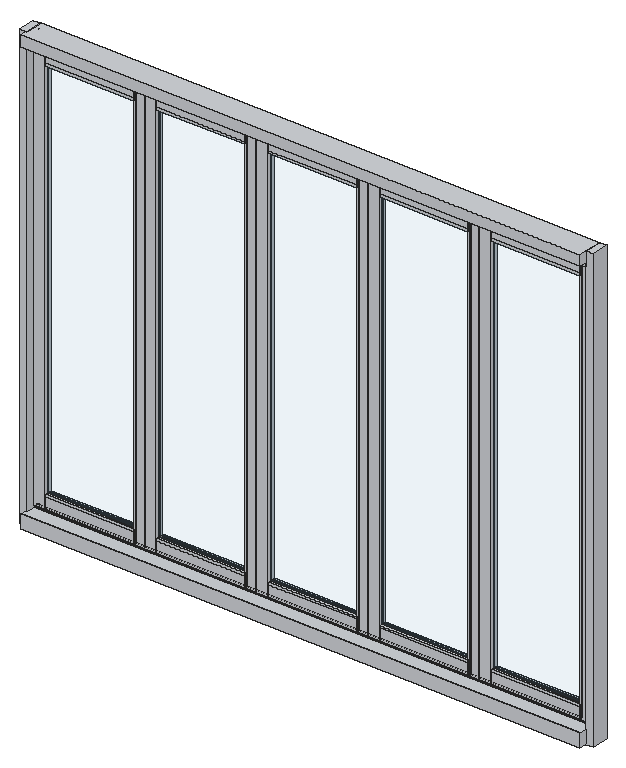
Revit family "MT-HB_BIFOLD DOOR_XXXXX", category Doors, host Wall, Revit 2017 (continued)
Definition of nested family "DETAIL_HB41&42S_SILL JAMB"
  Lines and regions (mm)
    model lines, in view "Ref. Level"
      curve 185: line (9.63, 35.462, 0) -> (9.63, 36.11, 0)
      curve 186: line (9.13, 36.61, 0) -> (4.53, 36.61, 0)
      curve 187: line (4.13, 37.01, 0) -> (4.13, 38.91, 0)
      curve 188: line (4.53, 39.31, 0) -> (8.63, 39.31, 0)
      curve 189: line (9.63, 39.31, 0) -> (9.63, 41.41, 0)
      curve 190: line (8.13, 40.81, 0) -> (5.13, 40.81, 0)
      curve 191: line (4.63, 41.31, 0) -> (4.63, 45.398, 0)
      curve 192: line (5.162, 45.897, 0) -> (8.443, 45.684, 0)
      curve 193: line (9.63, 45.41, 0) -> (9.63, 46.641, 0)
      curve 194: line (9.162, 47.14, 0) -> (2.162, 47.595, 0)
      curve 195: line (1.63, 47.096, 0) -> (1.63, 19.9, 0)
      curve 196: line (1.33, 19.6, 0) -> (1, 19.6, 0)
      curve 197: line (0, 18.6, 0) -> (0, 1.5, 0)
      curve 198: line (1.4, 3.46, 0) -> (1.4, 16.8, 0)
      curve 199: line (2.4, 17.8, 0) -> (3.13, 17.8, 0)
      curve 200: line (4.569, 19.107, 0) -> (9.592, 18.221, 0)
      curve 201: line (9.84, 17.926, 0) -> (9.84, 17.233, 0)
      curve 202: line (8.907, 15.149, 0) -> (8.166, 14.484, 0)
      curve 203: line (8.167, 13.739, 0) -> (10.067, 12.043, 0)
      curve 204: line (11.257, 13.096, 0) -> (10.975, 13.502, 0)
      curve 205: line (10.589, 14.311, 0) -> (10.2, 14.7, 0)
      curve 206: line (10.2, 14.7, 0) -> (10.589, 15.089, 0)
      curve 207: line (11.308, 16.334, 0) -> (11.45, 16.865, 0)
      curve 208: line (11.45, 16.865, 0) -> (11.981, 16.723, 0)
      curve 209: line (13.419, 16.723, 0) -> (13.95, 16.865, 0)
      curve 210: line (13.95, 16.865, 0) -> (14.092, 16.334, 0)
      curve 211: line (14.811, 15.089, 0) -> (15.2, 14.7, 0)
      curve 212: line (15.2, 14.7, 0) -> (14.811, 14.311, 0)
      curve 213: line (15.082, 11.84, 0) -> (15.327, 11.84, 0)
      curve 214: line (16.236, 12.1, 0) -> (24.98, 12.1, 0)
      curve 215: line (25.28, 11.8, 0) -> (25.28, 9.9, 0)
      curve 216: line (24.98, 9.38, 0) -> (24.98, 8.2, 0)
      curve 217: line (25.58, 7.6, 0) -> (25.58, 6.42, 0)
      curve 218: line (25.28, 5.9, 0) -> (25.28, 4, 0)
      curve 219: line (26.28, 3, 0) -> (47.7, 3, 0)
      curve 220: line (48.5, 2.2, 0) -> (48.5, 0.8, 0)
      curve 221: line (50.1, 0.8, 0) -> (50.1, 2.33, 0)
Definition of nested family "DETAIL_HB1_HEAD FRAME"
  Reference planes
    plane 1 "Center (Front/Back)": y = 0
    plane 2: z = 0
    plane 3 "Center (Left/Right)": x = 0
  Lines and regions (mm)
    detail lines, in view "Ref. Level"
      curve 1: arc (2, -49.6, 0) -> (2.354, -49.454, 0) -> (2.5, -49.1, 0) r 0.5
      curve 2: arc (2.5, -24.1, 0) -> (2.354, -23.746, 0) -> (2, -23.6, 0) r 0.5
      curve 3: arc (2, -3, 0) -> (2.146, -2.646, 0) -> (2.5, -2.5, 0) r 0.5
      curve 4: arc (8.77, -2.5, 0) -> (9.124, -2.646, 0) -> (9.27, -3, 0) r 0.5
      curve 5: arc (9.27, -6.63, 0) -> (9.504, -7.196, 0) -> (10.07, -7.43, 0) r 0.8
      curve 6: arc (10.577, -7.43, 0) -> (11.335, -6.963, 0) -> (11.257, -6.076, 0) r 0.848
      curve 7: arc (11.257, -6.076, 0) -> (11.117, -5.856, 0) -> (11.01, -5.619, 0) r 1.8
      curve 8: arc (10.559, -5.141, 0) -> (10.5, -5, 0) -> (10.559, -4.859, 0) r 0.2
      curve 9: arc (11.01, -4.381, 0) -> (11.141, -4.1, 0) -> (11.319, -3.846, 0) r 1.8
      curve 10: arc (11.507, -3.216, 0) -> (11.6, -3.095, 0) -> (11.752, -3.075, 0) r 0.2
      curve 11: arc (12.391, -3.227, 0) -> (12.7, -3.2, 0) -> (13.009, -3.227, 0) r 1.8
      curve 12: arc (13.648, -3.075, 0) -> (13.8, -3.095, 0) -> (13.893, -3.216, 0) r 0.2
      curve 13: arc (14.081, -3.846, 0) -> (14.259, -4.1, 0) -> (14.39, -4.381, 0) r 1.8
      curve 14: arc (14.841, -4.859, 0) -> (14.9, -5, 0) -> (14.841, -5.141, 0) r 0.2
      curve 15: arc (14.39, -5.619, 0) -> (14.283, -5.856, 0) -> (14.143, -6.076, 0) r 1.8
      curve 16: arc (14.143, -6.076, 0) -> (14.065, -6.963, 0) -> (14.823, -7.43, 0) r 0.848
      curve 17: arc (15.33, -7.43, 0) -> (15.896, -7.196, 0) -> (16.13, -6.63, 0) r 0.8
      curve 18: arc (16.13, -3, 0) -> (16.276, -2.646, 0) -> (16.63, -2.5, 0) r 0.5
      curve 19: arc (24.25, -2.5, 0) -> (24.957, -2.793, 0) -> (25.25, -3.5, 0) r 1
      curve 20: arc (25.25, -61.513, 0) -> (25.285, -61.696, 0) -> (25.384, -61.854, 0) r 0.5
      curve 21: arc (28.4, -68.3, 0) -> (28.254, -68.654, 0) -> (27.9, -68.8, 0) r 0.5
      curve 22: arc (25.5, -68.8, 0) -> (23.803, -69.503, 0) -> (23.1, -71.2, 0) r 2.4
      curve 23: arc (23.1, -72.8, 0) -> (22.954, -73.154, 0) -> (22.6, -73.3, 0) r 0.5
      curve 24: arc (16.63, -73.3, 0) -> (16.276, -73.154, 0) -> (16.13, -72.8, 0) r 0.5
      curve 25: arc (16.13, -69.17, 0) -> (15.896, -68.604, 0) -> (15.33, -68.37, 0) r 0.8
      curve 26: arc (14.823, -68.37, 0) -> (14.065, -68.837, 0) -> (14.143, -69.724, 0) r 0.848
      curve 27: arc (14.143, -69.724, 0) -> (14.283, -69.944, 0) -> (14.39, -70.181, 0) r 1.8
      curve 28: arc (14.841, -70.659, 0) -> (14.9, -70.8, 0) -> (14.841, -70.941, 0) r 0.2
      curve 29: arc (14.39, -71.419, 0) -> (14.259, -71.7, 0) -> (14.081, -71.954, 0) r 1.8
      curve 30: arc (13.893, -72.584, 0) -> (13.8, -72.705, 0) -> (13.648, -72.725, 0) r 0.2
      curve 31: arc (13.009, -72.573, 0) -> (12.7, -72.6, 0) -> (12.391, -72.573, 0) r 1.8
      curve 32: arc (11.752, -72.725, 0) -> (11.6, -72.705, 0) -> (11.507, -72.584, 0) r 0.2
      curve 33: arc (11.319, -71.954, 0) -> (11.141, -71.7, 0) -> (11.01, -71.419, 0) r 1.8
      curve 34: arc (10.559, -70.941, 0) -> (10.5, -70.8, 0) -> (10.559, -70.659, 0) r 0.2
      curve 35: arc (11.01, -70.181, 0) -> (11.117, -69.944, 0) -> (11.257, -69.724, 0) r 1.8
      curve 36: arc (11.257, -69.724, 0) -> (11.335, -68.837, 0) -> (10.577, -68.37, 0) r 0.848
      curve 37: arc (10.07, -68.37, 0) -> (9.504, -68.604, 0) -> (9.27, -69.17, 0) r 0.8
      curve 38: arc (9.27, -72.8, 0) -> (9.124, -73.154, 0) -> (8.77, -73.3, 0) r 0.5
      curve 39: arc (2.5, -73.3, 0) -> (2.146, -73.154, 0) -> (2, -72.8, 0) r 0.5
      curve 40: arc (92.33, -6.63, 0) -> (92.096, -7.196, 0) -> (91.53, -7.43, 0) r 0.8
      curve 41: arc (91.023, -7.43, 0) -> (90.265, -6.963, 0) -> (90.343, -6.076, 0) r 0.848
      curve 42: arc (90.343, -6.076, 0) -> (90.483, -5.856, 0) -> (90.59, -5.619, 0) r 1.8
      curve 43: arc (91.041, -5.141, 0) -> (91.1, -5, 0) -> (91.041, -4.859, 0) r 0.2
      curve 44: arc (90.59, -4.381, 0) -> (90.459, -4.1, 0) -> (90.281, -3.846, 0) r 1.8
      curve 45: arc (90.093, -3.216, 0) -> (90, -3.095, 0) -> (89.848, -3.075, 0) r 0.2
      curve 46: arc (89.209, -3.227, 0) -> (88.9, -3.2, 0) -> (88.591, -3.227, 0) r 1.8
      curve 47: arc (87.952, -3.075, 0) -> (87.8, -3.095, 0) -> (87.707, -3.216, 0) r 0.2
      curve 48: arc (87.519, -3.846, 0) -> (87.341, -4.1, 0) -> (87.21, -4.381, 0) r 1.8
      curve 49: arc (86.759, -4.859, 0) -> (86.7, -5, 0) -> (86.759, -5.141, 0) r 0.2
      curve 50: arc (87.21, -5.619, 0) -> (87.317, -5.856, 0) -> (87.457, -6.076, 0) r 1.8
      curve 51: arc (87.457, -6.076, 0) -> (87.535, -6.963, 0) -> (86.777, -7.43, 0) r 0.848
      curve 52: arc (86.27, -7.43, 0) -> (85.704, -7.196, 0) -> (85.47, -6.63, 0) r 0.8
      curve 53: arc (85.47, -3.5, 0) -> (85.324, -3.146, 0) -> (84.97, -3, 0) r 0.5
      curve 54: arc (68.229, -3, 0) -> (68.114, -2.977, 0) -> (68.016, -2.912, 0) r 0.3
      curve 55: arc (67.812, -2.708, 0) -> (67.6, -2.62, 0) -> (67.388, -2.708, 0) r 0.3
      curve 56: arc (67.184, -2.912, 0) -> (67.086, -2.977, 0) -> (66.971, -3, 0) r 0.3
      curve 57: arc (46.83, -13.6, 0) -> (46.537, -14.307, 0) -> (45.83, -14.6, 0) r 1
      curve 58: arc (39.93, -14.6, 0) -> (39.718, -14.512, 0) -> (39.63, -14.3, 0) r 0.3
      curve 59: arc (39.63, -10.1, 0) -> (39.776, -9.746, 0) -> (40.13, -9.6, 0) r 0.5
      curve 60: arc (40.976, -9.6, 0) -> (41.281, -9.703, 0) -> (41.459, -9.971, 0) r 0.5
      curve 61: arc (41.931, -11.729, 0) -> (42.109, -11.997, 0) -> (42.414, -12.1, 0) r 0.5
      curve 62: arc (43.33, -12.1, 0) -> (44.037, -11.807, 0) -> (44.33, -11.1, 0) r 1
      curve 63: arc (44.33, -3.5, 0) -> (44.037, -2.793, 0) -> (43.33, -2.5, 0) r 1
      curve 64: arc (27.75, -61.261, 0) -> (27.785, -61.445, 0) -> (27.884, -61.602, 0) r 0.5
      curve 65: arc (30.4, -73.1, 0) -> (30.459, -73.241, 0) -> (30.6, -73.3, 0) r 0.2
      curve 66: arc (30.8, -73.3, 0) -> (30.941, -73.359, 0) -> (31, -73.5, 0) r 0.2
      curve 67: arc (31, -74.593, 0) -> (30.962, -74.784, 0) -> (30.854, -74.946, 0) r 0.5
      curve 68: arc (28.4, -75.3, 0) -> (27.9, -74.8, 0) -> (28.4, -74.3, 0) r 0.5
      curve 69: arc (28.4, -71.2, 0) -> (28.283, -70.917, 0) -> (28, -70.8, 0) r 0.4
      curve 70: arc (25.5, -70.8, 0) -> (25.217, -70.917, 0) -> (25.1, -71.2, 0) r 0.4
      curve 71: arc (25.1, -74.3, 0) -> (25.6, -74.8, 0) -> (25.1, -75.3, 0) r 0.5
      curve 72: arc (3.63, -77.83, 0) -> (3.708, -78.031, 0) -> (3.9, -78.128, 0) r 0.3
      curve 73: arc (9.18, -78.655, 0) -> (9.501, -78.817, 0) -> (9.63, -79.153, 0) r 0.5
      curve 74: arc (9.63, -79.8, 0) -> (9.484, -80.154, 0) -> (9.13, -80.3, 0) r 0.5
      curve 75: arc (4.03, -80.3, 0) -> (3.747, -80.417, 0) -> (3.63, -80.7, 0) r 0.4
      curve 76: arc (3.63, -82.6, 0) -> (3.747, -82.883, 0) -> (4.03, -83, 0) r 0.4
      curve 77: arc (8.63, -83, 0) -> (9.13, -82.5, 0) -> (9.63, -83, 0) r 0.5
      curve 78: arc (9.63, -85.1, 0) -> (9.13, -85.6, 0) -> (8.63, -85.1, 0) r 0.5
      curve 79: arc (8.63, -85, 0) -> (8.484, -84.646, 0) -> (8.13, -84.5, 0) r 0.5
      curve 80: arc (4.13, -84.5, 0) -> (3.776, -84.646, 0) -> (3.63, -85, 0) r 0.5
      curve 81: arc (3.63, -89.2, 0) -> (3.776, -89.554, 0) -> (4.13, -89.7, 0) r 0.5
      curve 82: arc (8.13, -89.7, 0) -> (8.484, -89.554, 0) -> (8.63, -89.2, 0) r 0.5
      curve 83: arc (8.63, -89.1, 0) -> (9.13, -88.6, 0) -> (9.63, -89.1, 0) r 0.5
      curve 84: arc (9.63, -90.8, 0) -> (9.484, -91.154, 0) -> (9.13, -91.3, 0) r 0.5
      curve 85: arc (2.13, -91.3, 0) -> (1.776, -91.154, 0) -> (1.63, -90.8, 0) r 0.5
      curve 86: arc (0.3, -75.3, 0) -> (0.088, -75.212, 0) -> (0, -75, 0) r 0.3
      curve 87: arc (0, -48.1, 0) -> (0.146, -47.746, 0) -> (0.5, -47.6, 0) r 0.5
      curve 88: arc (0.5, -25.6, 0) -> (0.146, -25.454, 0) -> (0, -25.1, 0) r 0.5
      curve 89: arc (0, -0.3, 0) -> (0.088, -0.088, 0) -> (0.3, 0, 0) r 0.3
      curve 90: arc (101.3, 0, 0) -> (101.512, -0.088, 0) -> (101.6, -0.3, 0) r 0.3
      curve 91: arc (101.6, -25.1, 0) -> (101.454, -25.454, 0) -> (101.1, -25.6, 0) r 0.5
      curve 92: arc (101.1, -47.6, 0) -> (101.454, -47.746, 0) -> (101.6, -48.1, 0) r 0.5
      curve 93: arc (101.6, -74.5, 0) -> (101.366, -75.066, 0) -> (100.8, -75.3, 0) r 0.8
      curve 94: arc (95.3, -75.3, 0) -> (94.946, -75.154, 0) -> (94.8, -74.8, 0) r 0.5
      curve 95: arc (94.8, -73.8, 0) -> (94.946, -73.446, 0) -> (95.3, -73.3, 0) r 0.5
      curve 96: arc (97.8, -73.3, 0) -> (98.366, -73.066, 0) -> (98.6, -72.5, 0) r 0.8
      curve 97: arc (98.6, -69.9, 0) -> (98.366, -69.334, 0) -> (97.8, -69.1, 0) r 0.8
      curve 98: arc (95.6, -69.1, 0) -> (95.034, -68.866, 0) -> (94.8, -68.3, 0) r 0.8
      curve 99: arc (94.8, -66.3, 0) -> (94.946, -65.946, 0) -> (95.3, -65.8, 0) r 0.5
      curve 100: arc (95.964, -65.8, 0) -> (96.269, -65.903, 0) -> (96.447, -66.171, 0) r 0.5
      curve 101: arc (96.651, -66.929, 0) -> (96.829, -67.197, 0) -> (97.134, -67.3, 0) r 0.5
      curve 102: arc (97.6, -67.3, 0) -> (98.307, -67.007, 0) -> (98.6, -66.3, 0) r 1
      curve 103: arc (98.6, -3.5, 0) -> (98.307, -2.793, 0) -> (97.6, -2.5, 0) r 1
      curve 104: arc (92.83, -2.5, 0) -> (92.476, -2.646, 0) -> (92.33, -3, 0) r 0.5
      curve 105: line (2.5, -49.1, 0) -> (2.5, -24.1, 0)
      curve 106: line (2, -23.6, 0) -> (2, -3, 0)
      curve 107: line (2.5, -2.5, 0) -> (8.77, -2.5, 0)
      curve 108: line (9.27, -3, 0) -> (9.27, -6.63, 0)
      curve 109: line (10.07, -7.43, 0) -> (10.577, -7.43, 0)
      curve 110: line (10.963, -5.546, 0) -> (10.559, -5.141, 0)
      curve 111: line (10.559, -4.859, 0) -> (10.963, -4.454, 0)
      curve 112: line (11.359, -3.769, 0) -> (11.507, -3.216, 0)
      curve 113: line (11.752, -3.075, 0) -> (12.305, -3.223, 0)
      curve 114: line (13.095, -3.223, 0) -> (13.648, -3.075, 0)
      curve 115: line (13.893, -3.216, 0) -> (14.041, -3.769, 0)
      curve 116: line (14.437, -4.454, 0) -> (14.841, -4.859, 0)
      curve 117: line (14.841, -5.141, 0) -> (14.437, -5.546, 0)
      curve 118: line (14.823, -7.43, 0) -> (15.33, -7.43, 0)
      curve 119: line (16.13, -6.63, 0) -> (16.13, -3, 0)
      curve 120: line (16.63, -2.5, 0) -> (24.25, -2.5, 0)
      curve 121: line (25.25, -3.5, 0) -> (25.25, -61.513, 0)
      curve 122: line (25.384, -61.854, 0) -> (28.346, -65.03, 0)
      curve 123: line (28.346, -65.03, 0) -> (28.4, -68.3, 0)
      curve 124: line (27.9, -68.8, 0) -> (25.5, -68.8, 0)
      curve 125: line (23.1, -71.2, 0) -> (23.1, -72.8, 0)
      curve 126: line (22.6, -73.3, 0) -> (16.63, -73.3, 0)
      curve 127: line (16.13, -72.8, 0) -> (16.13, -69.17, 0)
      curve 128: line (15.33, -68.37, 0) -> (14.823, -68.37, 0)
      curve 129: line (14.437, -70.254, 0) -> (14.841, -70.659, 0)
      curve 130: line (14.841, -70.941, 0) -> (14.437, -71.346, 0)
      curve 131: line (14.041, -72.031, 0) -> (13.893, -72.584, 0)
      curve 132: line (13.648, -72.725, 0) -> (13.095, -72.577, 0)
      curve 133: line (12.305, -72.577, 0) -> (11.752, -72.725, 0)
      curve 134: line (11.507, -72.584, 0) -> (11.359, -72.031, 0)
      curve 135: line (10.963, -71.346, 0) -> (10.559, -70.941, 0)
      curve 136: line (10.559, -70.659, 0) -> (10.963, -70.254, 0)
      curve 137: line (10.577, -68.37, 0) -> (10.07, -68.37, 0)
      curve 138: line (9.27, -69.17, 0) -> (9.27, -72.8, 0)
      curve 139: line (8.77, -73.3, 0) -> (2.5, -73.3, 0)
      curve 140: line (2, -72.8, 0) -> (2, -49.6, 0)
      curve 141: line (91.53, -7.43, 0) -> (91.023, -7.43, 0)
      curve 142: line (90.637, -5.546, 0) -> (91.041, -5.141, 0)
      curve 143: line (91.041, -4.859, 0) -> (90.637, -4.454, 0)
      curve 144: line (90.241, -3.769, 0) -> (90.093, -3.216, 0)
      curve 145: line (89.848, -3.075, 0) -> (89.295, -3.223, 0)
      curve 146: line (88.505, -3.223, 0) -> (87.952, -3.075, 0)
      curve 147: line (87.707, -3.216, 0) -> (87.559, -3.769, 0)
      curve 148: line (87.163, -4.454, 0) -> (86.759, -4.859, 0)
      curve 149: line (86.759, -5.141, 0) -> (87.163, -5.546, 0)
      curve 150: line (86.777, -7.43, 0) -> (86.27, -7.43, 0)
      curve 151: line (85.47, -6.63, 0) -> (85.47, -3.5, 0)
      curve 152: line (84.97, -3, 0) -> (68.229, -3, 0)
      curve 153: line (68.016, -2.912, 0) -> (67.812, -2.708, 0)
      curve 154: line (67.388, -2.708, 0) -> (67.184, -2.912, 0)
      curve 155: line (66.971, -3, 0) -> (48.83, -3, 0)
      curve 156: line (48.83, -3, 0) -> (46.83, -5, 0)
      curve 157: line (46.83, -5, 0) -> (46.83, -13.6, 0)
      curve 158: line (45.83, -14.6, 0) -> (39.93, -14.6, 0)
      curve 159: line (39.63, -14.3, 0) -> (39.63, -10.1, 0)
      curve 160: line (40.13, -9.6, 0) -> (40.976, -9.6, 0)
      curve 161: line (41.459, -9.971, 0) -> (41.931, -11.729, 0)
      curve 162: line (42.414, -12.1, 0) -> (43.33, -12.1, 0)
      curve 163: line (44.33, -11.1, 0) -> (44.33, -3.5, 0)
      curve 164: line (43.33, -2.5, 0) -> (29.75, -2.5, 0)
      curve 165: line (29.75, -2.5, 0) -> (27.75, -4.5, 0)
      curve 166: line (27.75, -4.5, 0) -> (27.75, -61.261, 0)
      curve 167: line (27.884, -61.602, 0) -> (30.346, -64.242, 0)
      curve 168: line (30.346, -64.242, 0) -> (30.4, -73.1, 0)
      curve 169: line (30.6, -73.3, 0) -> (30.8, -73.3, 0)
      curve 170: line (31, -73.5, 0) -> (31, -74.593, 0)
      curve 171: line (30.854, -74.946, 0) -> (30.5, -75.3, 0)
      curve 172: line (30.5, -75.3, 0) -> (28.4, -75.3, 0)
      curve 173: line (28.4, -74.3, 0) -> (28.4, -71.2, 0)
      curve 174: line (28, -70.8, 0) -> (25.5, -70.8, 0)
      curve 175: line (25.1, -71.2, 0) -> (25.1, -74.3, 0)
      curve 176: line (25.1, -75.3, 0) -> (3.63, -75.3, 0)
      curve 177: line (3.63, -75.3, 0) -> (3.63, -77.83, 0)
      curve 178: line (3.9, -78.128, 0) -> (9.18, -78.655, 0)
      curve 179: line (9.63, -79.153, 0) -> (9.63, -79.8, 0)
      curve 180: line (9.13, -80.3, 0) -> (4.03, -80.3, 0)
      curve 181: line (3.63, -80.7, 0) -> (3.63, -82.6, 0)
      curve 182: line (4.03, -83, 0) -> (8.63, -83, 0)
      curve 183: line (9.63, -83, 0) -> (9.63, -85.1, 0)
      curve 184: line (8.13, -84.5, 0) -> (4.13, -84.5, 0)
      curve 185: line (3.63, -85, 0) -> (3.63, -89.2, 0)
      curve 186: line (4.13, -89.7, 0) -> (8.13, -89.7, 0)
      curve 187: line (9.63, -89.1, 0) -> (9.63, -90.8, 0)
      curve 188: line (9.13, -91.3, 0) -> (2.13, -91.3, 0)
      curve 189: line (1.63, -90.8, 0) -> (1.63, -75.3, 0)
      curve 190: line (1.63, -75.3, 0) -> (0.3, -75.3, 0)
      curve 191: line (0, -75, 0) -> (0, -48.1, 0)
      curve 192: line (0.5, -47.6, 0) -> (0.5, -25.6, 0)
      curve 193: line (0, -25.1, 0) -> (0, -0.3, 0)
      curve 194: line (0.3, 0, 0) -> (101.3, 0, 0)
      curve 195: line (101.6, -0.3, 0) -> (101.6, -25.1, 0)
      curve 196: line (101.1, -25.6, 0) -> (101.1, -47.6, 0)
      curve 197: line (101.6, -48.1, 0) -> (101.6, -74.5, 0)
      curve 198: line (100.8, -75.3, 0) -> (95.3, -75.3, 0)
      curve 199: line (94.8, -74.8, 0) -> (94.8, -73.8, 0)
      curve 200: line (95.3, -73.3, 0) -> (97.8, -73.3, 0)
      curve 201: line (98.6, -72.5, 0) -> (98.6, -69.9, 0)
      curve 202: line (97.8, -69.1, 0) -> (95.6, -69.1, 0)
      curve 203: line (94.8, -68.3, 0) -> (94.8, -66.3, 0)
      curve 204: line (95.3, -65.8, 0) -> (95.964, -65.8, 0)
      curve 205: line (96.447, -66.171, 0) -> (96.651, -66.929, 0)
      curve 206: line (97.134, -67.3, 0) -> (97.6, -67.3, 0)
      curve 207: line (98.6, -66.3, 0) -> (98.6, -3.5, 0)
      curve 208: line (97.6, -2.5, 0) -> (92.83, -2.5, 0)
      curve 209: line (92.33, -3, 0) -> (92.33, -6.63, 0)
Definition of nested family "DETAIL_HB26_HEAD FRAME"
  Reference planes
    plane 1 "Center (Front/Back)": y = 0
    plane 2: z = 0
    plane 3 "Center (Left/Right)": x = 0
  Lines and regions (mm)
    model lines, in view "Ref. Level"
      curve 1: arc (102.1, -62, 0) -> (101.746, -61.854, 0) -> (101.6, -61.5, 0) r 0.5
      curve 2: arc (101.6, -18.5, 0) -> (101.746, -18.146, 0) -> (102.1, -18, 0) r 0.5
      curve 3: arc (146.53, -18, 0) -> (146.884, -18.146, 0) -> (147.03, -18.5, 0) r 0.5
      curve 4: arc (147.03, -24, 0) -> (146.658, -24.71, 0) -> (146.53, -25.5, 0) r 2.5
      curve 5: arc (146.53, -47.5, 0) -> (146.658, -48.29, 0) -> (147.03, -49, 0) r 2.5
      curve 6: arc (147.03, -61.5, 0) -> (146.884, -61.854, 0) -> (146.53, -62, 0) r 0.5
      curve 7: arc (22.1, -86.8, 0) -> (21.954, -87.154, 0) -> (21.6, -87.3, 0) r 0.5
      curve 8: arc (3.5, -87.3, 0) -> (3.146, -87.154, 0) -> (3, -86.8, 0) r 0.5
      curve 9: arc (3, -65.218, 0) -> (3.044, -65.014, 0) -> (3.167, -64.845, 0) r 0.5
      curve 10: arc (3.167, -64.845, 0) -> (3.413, -64.508, 0) -> (3.5, -64.1, 0) r 1
      curve 11: arc (3.5, -39.1, 0) -> (3.413, -38.692, 0) -> (3.167, -38.355, 0) r 1
      curve 12: arc (3.167, -38.355, 0) -> (3.044, -38.186, 0) -> (3, -37.982, 0) r 0.5
      curve 13: arc (3, -18.5, 0) -> (3.146, -18.146, 0) -> (3.5, -18, 0) r 0.5
      curve 14: arc (24.25, -18, 0) -> (24.604, -18.146, 0) -> (24.75, -18.5, 0) r 0.5
      curve 15: arc (24.75, -76.261, 0) -> (24.994, -77.544, 0) -> (25.69, -78.648, 0) r 3.5
      curve 16: arc (27.266, -80.338, 0) -> (27.365, -80.495, 0) -> (27.4, -80.679, 0) r 0.5
      curve 17: arc (27.4, -82.3, 0) -> (27.254, -82.654, 0) -> (26.9, -82.8, 0) r 0.5
      curve 18: arc (25.5, -82.8, 0) -> (23.096, -83.796, 0) -> (22.1, -86.2, 0) r 3.4
      curve 19: arc (0, -63.1, 0) -> (0.099, -62.801, 0) -> (0.357, -62.621, 0) r 0.5
      curve 20: arc (0.357, -62.621, 0) -> (0.46, -62.549, 0) -> (0.5, -62.429, 0) r 0.2
      curve 21: arc (0.5, -40.771, 0) -> (0.46, -40.651, 0) -> (0.357, -40.579, 0) r 0.2
      curve 22: arc (0.357, -40.579, 0) -> (0.099, -40.399, 0) -> (0, -40.1, 0) r 0.5
      curve 23: arc (0, -0.5, 0) -> (0.146, -0.146, 0) -> (0.5, 0, 0) r 0.5
      curve 24: arc (5.1, 0, 0) -> (5.338, -0.117, 0) -> (5.39, -0.378, 0) r 0.3
      curve 25: arc (8, -1.7, 0) -> (8.75, -2.45, 0) -> (8, -3.2, 0) r 0.75
      curve 26: arc (4, -3.2, 0) -> (3.293, -3.493, 0) -> (3, -4.2, 0) r 1
      curve 27: arc (3, -14.5, 0) -> (3.146, -14.854, 0) -> (3.5, -15, 0) r 0.5
      curve 28: arc (11.58, -15, 0) -> (11.934, -14.854, 0) -> (12.08, -14.5, 0) r 0.5
      curve 29: arc (12.08, -11.21, 0) -> (12.519, -10.149, 0) -> (13.58, -9.71, 0) r 1.5
      curve 30: arc (14.13, -9.71, 0) -> (14.504, -9.967, 0) -> (14.397, -10.408, 0) r 0.4
      curve 31: arc (14.397, -10.408, 0) -> (13.682, -12.097, 0) -> (14.53, -13.723, 0) r 2.15
      curve 32: arc (17.13, -13.723, 0) -> (17.978, -12.097, 0) -> (17.263, -10.408, 0) r 2.15
      curve 33: arc (17.263, -10.408, 0) -> (17.156, -9.967, 0) -> (17.53, -9.71, 0) r 0.4
      curve 34: arc (18.08, -9.71, 0) -> (19.141, -10.149, 0) -> (19.58, -11.21, 0) r 1.5
      curve 35: arc (19.58, -14.5, 0) -> (19.726, -14.854, 0) -> (20.08, -15, 0) r 0.5
      curve 36: arc (21.58, -15, 0) -> (21.934, -14.854, 0) -> (22.08, -14.5, 0) r 0.5
      curve 37: arc (22.08, -11.21, 0) -> (22.519, -10.149, 0) -> (23.58, -9.71, 0) r 1.5
      curve 38: arc (24.13, -9.71, 0) -> (24.504, -9.967, 0) -> (24.397, -10.408, 0) r 0.4
      curve 39: arc (24.397, -10.408, 0) -> (23.682, -12.097, 0) -> (24.53, -13.723, 0) r 2.15
      curve 40: arc (27.13, -13.723, 0) -> (27.978, -12.097, 0) -> (27.263, -10.408, 0) r 2.15
      curve 41: arc (27.263, -10.408, 0) -> (27.156, -9.967, 0) -> (27.53, -9.71, 0) r 0.4
      curve 42: arc (28.08, -9.71, 0) -> (29.141, -10.149, 0) -> (29.58, -11.21, 0) r 1.5
      curve 43: arc (29.58, -14.5, 0) -> (29.726, -14.854, 0) -> (30.08, -15, 0) r 0.5
      curve 44: arc (38.58, -15, 0) -> (38.934, -14.854, 0) -> (39.08, -14.5, 0) r 0.5
      curve 45: arc (39.08, -11.21, 0) -> (39.519, -10.149, 0) -> (40.58, -9.71, 0) r 1.5
      curve 46: arc (41.13, -9.71, 0) -> (41.504, -9.967, 0) -> (41.397, -10.408, 0) r 0.4
      curve 47: arc (41.397, -10.408, 0) -> (40.682, -12.097, 0) -> (41.53, -13.723, 0) r 2.15
      curve 48: arc (44.13, -13.723, 0) -> (44.978, -12.097, 0) -> (44.263, -10.408, 0) r 2.15
      curve 49: arc (44.263, -10.408, 0) -> (44.156, -9.967, 0) -> (44.53, -9.71, 0) r 0.4
      curve 50: arc (45.08, -9.71, 0) -> (46.141, -10.149, 0) -> (46.58, -11.21, 0) r 1.5
      curve 51: arc (46.58, -14.5, 0) -> (46.726, -14.854, 0) -> (47.08, -15, 0) r 0.5
      curve 52: arc (54.58, -15, 0) -> (54.934, -14.854, 0) -> (55.08, -14.5, 0) r 0.5
      curve 53: arc (55.08, -11.21, 0) -> (55.519, -10.149, 0) -> (56.58, -9.71, 0) r 1.5
      curve 54: arc (57.13, -9.71, 0) -> (57.504, -9.967, 0) -> (57.397, -10.408, 0) r 0.4
      curve 55: arc (57.397, -10.408, 0) -> (56.682, -12.097, 0) -> (57.53, -13.723, 0) r 2.15
      curve 56: arc (60.13, -13.723, 0) -> (60.978, -12.097, 0) -> (60.263, -10.408, 0) r 2.15
      curve 57: arc (60.263, -10.408, 0) -> (60.156, -9.967, 0) -> (60.53, -9.71, 0) r 0.4
      curve 58: arc (60.629, -9.71, 0) -> (60.983, -9.563, 0) -> (61.129, -9.209, 0) r 0.5
      curve 59: arc (61.123, -3.499, 0) -> (60.976, -3.146, 0) -> (60.623, -3, 0) r 0.5
      curve 60: arc (54.62, -3, 0) -> (54.266, -2.854, 0) -> (54.12, -2.5, 0) r 0.5
      curve 61: arc (54.12, -0.5, 0) -> (54.266, -0.146, 0) -> (54.62, 0, 0) r 0.5
      curve 62: arc (63.62, 0, 0) -> (63.974, -0.146, 0) -> (64.12, -0.5, 0) r 0.5
      curve 63: arc (64.12, -14.5, 0) -> (64.266, -14.854, 0) -> (64.62, -15, 0) r 0.5
      curve 64: arc (76.62, -15, 0) -> (76.974, -14.854, 0) -> (77.12, -14.5, 0) r 0.5
      curve 65: arc (77.12, -0.5, 0) -> (77.266, -0.146, 0) -> (77.62, 0, 0) r 0.5
      curve 66: arc (86.62, 0, 0) -> (86.974, -0.146, 0) -> (87.12, -0.5, 0) r 0.5
      curve 67: arc (87.12, -2.5, 0) -> (86.974, -2.854, 0) -> (86.62, -3, 0) r 0.5
      curve 68: arc (80.62, -3, 0) -> (80.266, -3.146, 0) -> (80.12, -3.5, 0) r 0.5
      curve 69: arc (80.12, -14.5, 0) -> (80.266, -14.854, 0) -> (80.62, -15, 0) r 0.5
      curve 70: arc (129.73, -15, 0) -> (130.26, -14.78, 0) -> (130.48, -14.25, 0) r 0.75
      curve 71: arc (130.48, -11.21, 0) -> (130.919, -10.149, 0) -> (131.98, -9.71, 0) r 1.5
      curve 72: arc (132.53, -9.71, 0) -> (132.904, -9.967, 0) -> (132.797, -10.408, 0) r 0.4
      curve 73: arc (132.797, -10.408, 0) -> (132.082, -12.097, 0) -> (132.93, -13.723, 0) r 2.15
      curve 74: arc (135.53, -13.723, 0) -> (136.378, -12.097, 0) -> (135.663, -10.408, 0) r 2.15
      curve 75: arc (135.663, -10.408, 0) -> (135.556, -9.967, 0) -> (135.93, -9.71, 0) r 0.4
      curve 76: arc (136.48, -9.71, 0) -> (137.541, -10.149, 0) -> (137.98, -11.21, 0) r 1.5
      curve 77: arc (137.98, -14.5, 0) -> (138.126, -14.854, 0) -> (138.48, -15, 0) r 0.5
      curve 78: arc (146.53, -15, 0) -> (146.884, -14.854, 0) -> (147.03, -14.5, 0) r 0.5
      curve 79: arc (147.03, -4.2, 0) -> (146.737, -3.493, 0) -> (146.03, -3.2, 0) r 1
      curve 80: arc (142.03, -3.2, 0) -> (141.28, -2.45, 0) -> (142.03, -1.7, 0) r 0.75
      curve 81: arc (144.64, -0.378, 0) -> (144.692, -0.117, 0) -> (144.93, 0, 0) r 0.3
      curve 82: arc (149.53, 0, 0) -> (149.884, -0.146, 0) -> (150.03, -0.5, 0) r 0.5
      curve 83: arc (150.03, -25, 0) -> (149.931, -25.299, 0) -> (149.673, -25.479, 0) r 0.5
      curve 84: arc (149.673, -25.479, 0) -> (149.57, -25.551, 0) -> (149.53, -25.671, 0) r 0.2
      curve 85: arc (149.53, -47.329, 0) -> (149.57, -47.449, 0) -> (149.673, -47.521, 0) r 0.2
      curve 86: arc (149.673, -47.521, 0) -> (149.931, -47.701, 0) -> (150.03, -48, 0) r 0.5
      curve 87: arc (150.03, -64.5, 0) -> (149.884, -64.854, 0) -> (149.53, -65, 0) r 0.5
      curve 88: arc (102.1, -65, 0) -> (101.746, -65.146, 0) -> (101.6, -65.5, 0) r 0.5
      curve 89: arc (101.6, -89.5, 0) -> (101.366, -90.066, 0) -> (100.8, -90.3, 0) r 0.8
      curve 90: arc (95.3, -90.3, 0) -> (94.946, -90.154, 0) -> (94.8, -89.8, 0) r 0.5
      curve 91: arc (94.8, -88.8, 0) -> (94.946, -88.446, 0) -> (95.3, -88.3, 0) r 0.5
      curve 92: arc (97.8, -88.3, 0) -> (98.366, -88.066, 0) -> (98.6, -87.5, 0) r 0.8
      curve 93: arc (98.6, -84.9, 0) -> (98.366, -84.334, 0) -> (97.8, -84.1, 0) r 0.8
      curve 94: arc (95.6, -84.1, 0) -> (95.034, -83.866, 0) -> (94.8, -83.3, 0) r 0.8
      curve 95: arc (94.8, -81.3, 0) -> (94.946, -80.946, 0) -> (95.3, -80.8, 0) r 0.5
      curve 96: arc (95.964, -80.8, 0) -> (96.269, -80.903, 0) -> (96.447, -81.171, 0) r 0.5
      curve 97: arc (96.651, -81.929, 0) -> (96.829, -82.197, 0) -> (97.134, -82.3, 0) r 0.5
      curve 98: arc (97.6, -82.3, 0) -> (98.307, -82.007, 0) -> (98.6, -81.3, 0) r 1
      curve 99: arc (98.6, -18.5, 0) -> (98.454, -18.146, 0) -> (98.1, -18, 0) r 0.5
      curve 100: arc (71.229, -18, 0) -> (71.114, -17.977, 0) -> (71.016, -17.912, 0) r 0.3
      curve 101: arc (70.812, -17.708, 0) -> (70.6, -17.62, 0) -> (70.388, -17.708, 0) r 0.3
      curve 102: arc (70.184, -17.912, 0) -> (70.086, -17.977, 0) -> (69.971, -18, 0) r 0.3
      curve 103: arc (47.33, -28.6, 0) -> (47.037, -29.307, 0) -> (46.33, -29.6, 0) r 1
      curve 104: arc (39.93, -29.6, 0) -> (39.718, -29.512, 0) -> (39.63, -29.3, 0) r 0.3
      curve 105: arc (39.63, -25.1, 0) -> (39.776, -24.746, 0) -> (40.13, -24.6, 0) r 0.5
      curve 106: arc (40.976, -24.6, 0) -> (41.281, -24.703, 0) -> (41.459, -24.971, 0) r 0.5
      curve 107: arc (41.931, -26.729, 0) -> (42.109, -26.997, 0) -> (42.414, -27.1, 0) r 0.5
      curve 108: arc (43.33, -27.1, 0) -> (44.037, -26.807, 0) -> (44.33, -26.1, 0) r 1
      curve 109: arc (44.33, -19, 0) -> (44.037, -18.293, 0) -> (43.33, -18, 0) r 1
      curve 110: arc (27.75, -76.261, 0) -> (27.785, -76.445, 0) -> (27.884, -76.602, 0) r 0.5
      curve 111: arc (30.4, -88.1, 0) -> (30.459, -88.241, 0) -> (30.6, -88.3, 0) r 0.2
      curve 112: arc (30.8, -88.3, 0) -> (30.941, -88.359, 0) -> (31, -88.5, 0) r 0.2
      curve 113: arc (31, -89.593, 0) -> (30.962, -89.784, 0) -> (30.854, -89.946, 0) r 0.5
      curve 114: arc (28.4, -90.3, 0) -> (27.9, -89.8, 0) -> (28.4, -89.3, 0) r 0.5
      curve 115: arc (28.4, -86.2, 0) -> (28.283, -85.917, 0) -> (28, -85.8, 0) r 0.4
      curve 116: arc (25.5, -85.8, 0) -> (25.217, -85.917, 0) -> (25.1, -86.2, 0) r 0.4
      curve 117: arc (25.1, -89.3, 0) -> (25.6, -89.8, 0) -> (25.1, -90.3, 0) r 0.5
      curve 118: arc (3.83, -90.3, 0) -> (3.689, -90.359, 0) -> (3.63, -90.5, 0) r 0.2
      curve 119: arc (3.63, -92.83, 0) -> (3.708, -93.031, 0) -> (3.9, -93.128, 0) r 0.3
      curve 120: arc (9.18, -93.655, 0) -> (9.501, -93.817, 0) -> (9.63, -94.153, 0) r 0.5
      curve 121: arc (9.63, -94.8, 0) -> (9.484, -95.154, 0) -> (9.13, -95.3, 0) r 0.5
      curve 122: arc (4.03, -95.3, 0) -> (3.747, -95.417, 0) -> (3.63, -95.7, 0) r 0.4
      curve 123: arc (3.63, -97.6, 0) -> (3.747, -97.883, 0) -> (4.03, -98, 0) r 0.4
      curve 124: arc (8.63, -98, 0) -> (9.13, -97.5, 0) -> (9.63, -98, 0) r 0.5
      curve 125: arc (9.63, -100.1, 0) -> (9.13, -100.6, 0) -> (8.63, -100.1, 0) r 0.5
      curve 126: arc (8.63, -100, 0) -> (8.484, -99.646, 0) -> (8.13, -99.5, 0) r 0.5
      curve 127: arc (4.13, -99.5, 0) -> (3.776, -99.646, 0) -> (3.63, -100, 0) r 0.5
      curve 128: arc (3.63, -104.2, 0) -> (3.776, -104.554, 0) -> (4.13, -104.7, 0) r 0.5
      curve 129: arc (8.13, -104.7, 0) -> (8.484, -104.554, 0) -> (8.63, -104.2, 0) r 0.5
      curve 130: arc (8.63, -104.1, 0) -> (9.13, -103.6, 0) -> (9.63, -104.1, 0) r 0.5
      curve 131: arc (9.63, -105.8, 0) -> (9.484, -106.154, 0) -> (9.13, -106.3, 0) r 0.5
      curve 132: arc (2.13, -106.3, 0) -> (1.776, -106.154, 0) -> (1.63, -105.8, 0) r 0.5
      curve 133: arc (1.63, -90.5, 0) -> (1.571, -90.359, 0) -> (1.43, -90.3, 0) r 0.2
      curve 134: arc (0.3, -90.3, 0) -> (0.088, -90.212, 0) -> (0, -90, 0) r 0.3
      curve 135: line (146.53, -62, 0) -> (102.1, -62, 0)
      curve 136: line (101.6, -61.5, 0) -> (101.6, -18.5, 0)
      curve 137: line (102.1, -18, 0) -> (146.53, -18, 0)
      curve 138: line (147.03, -18.5, 0) -> (147.03, -24, 0)
      curve 139: line (146.53, -25.5, 0) -> (146.53, -47.5, 0)
      curve 140: line (147.03, -49, 0) -> (147.03, -61.5, 0)
      curve 141: line (21.6, -87.3, 0) -> (3.5, -87.3, 0)
      curve 142: line (3, -86.8, 0) -> (3, -65.218, 0)
      curve 143: line (3.5, -64.1, 0) -> (3.5, -39.1, 0)
      curve 144: line (3, -37.982, 0) -> (3, -18.5, 0)
      curve 145: line (3.5, -18, 0) -> (24.25, -18, 0)
      curve 146: line (24.75, -18.5, 0) -> (24.75, -76.261, 0)
      curve 147: line (25.69, -78.648, 0) -> (27.266, -80.338, 0)
      curve 148: line (27.4, -80.679, 0) -> (27.4, -82.3, 0)
      curve 149: line (26.9, -82.8, 0) -> (25.5, -82.8, 0)
      curve 150: line (22.1, -86.2, 0) -> (22.1, -86.8, 0)
      curve 151: line (0.5, -62.429, 0) -> (0.5, -40.771, 0)
      curve 152: line (0, -40.1, 0) -> (0, -0.5, 0)
      curve 153: line (0.5, 0, 0) -> (5.1, 0, 0)
      curve 154: line (5.39, -0.378, 0) -> (5.036, -1.7, 0)
      curve 155: line (5.036, -1.7, 0) -> (8, -1.7, 0)
      curve 156: line (8, -3.2, 0) -> (4, -3.2, 0)
      curve 157: line (3, -4.2, 0) -> (3, -14.5, 0)
      curve 158: line (3.5, -15, 0) -> (11.58, -15, 0)
      curve 159: line (12.08, -14.5, 0) -> (12.08, -11.21, 0)
      curve 160: line (13.58, -9.71, 0) -> (14.13, -9.71, 0)
      curve 161: line (14.53, -13.723, 0) -> (14.53, -14.61, 0)
      curve 162: line (14.53, -14.61, 0) -> (17.13, -14.61, 0)
      curve 163: line (17.13, -14.61, 0) -> (17.13, -13.723, 0)
      curve 164: line (17.53, -9.71, 0) -> (18.08, -9.71, 0)
      curve 165: line (19.58, -11.21, 0) -> (19.58, -14.5, 0)
      curve 166: line (20.08, -15, 0) -> (21.58, -15, 0)
      curve 167: line (22.08, -14.5, 0) -> (22.08, -11.21, 0)
      curve 168: line (23.58, -9.71, 0) -> (24.13, -9.71, 0)
      curve 169: line (24.53, -13.723, 0) -> (24.53, -14.61, 0)
      curve 170: line (24.53, -14.61, 0) -> (27.13, -14.61, 0)
      curve 171: line (27.13, -14.61, 0) -> (27.13, -13.723, 0)
      curve 172: line (27.53, -9.71, 0) -> (28.08, -9.71, 0)
      curve 173: line (29.58, -11.21, 0) -> (29.58, -14.5, 0)
      curve 174: line (30.08, -15, 0) -> (38.58, -15, 0)
      curve 175: line (39.08, -14.5, 0) -> (39.08, -11.21, 0)
      curve 176: line (40.58, -9.71, 0) -> (41.13, -9.71, 0)
      curve 177: line (41.53, -13.723, 0) -> (41.53, -14.61, 0)
      curve 178: line (41.53, -14.61, 0) -> (44.13, -14.61, 0)
      curve 179: line (44.13, -14.61, 0) -> (44.13, -13.723, 0)
      curve 180: line (44.53, -9.71, 0) -> (45.08, -9.71, 0)
      curve 181: line (46.58, -11.21, 0) -> (46.58, -14.5, 0)
      curve 182: line (47.08, -15, 0) -> (54.58, -15, 0)
      curve 183: line (55.08, -14.5, 0) -> (55.08, -11.21, 0)
      curve 184: line (56.58, -9.71, 0) -> (57.13, -9.71, 0)
      curve 185: line (57.53, -13.723, 0) -> (57.53, -14.61, 0)
      curve 186: line (57.53, -14.61, 0) -> (60.13, -14.61, 0)
      curve 187: line (60.13, -14.61, 0) -> (60.13, -13.723, 0)
      curve 188: line (61.129, -9.209, 0) -> (61.123, -3.499, 0)
      curve 189: line (60.623, -3, 0) -> (54.62, -3, 0)
      curve 190: line (54.12, -2.5, 0) -> (54.12, -0.5, 0)
      curve 191: line (54.62, 0, 0) -> (63.62, 0, 0)
      curve 192: line (64.12, -0.5, 0) -> (64.12, -14.5, 0)
      curve 193: line (64.62, -15, 0) -> (76.62, -15, 0)
      curve 194: line (77.12, -14.5, 0) -> (77.12, -0.5, 0)
      curve 195: line (77.62, 0, 0) -> (86.62, 0, 0)
      curve 196: line (87.12, -0.5, 0) -> (87.12, -2.5, 0)
      curve 197: line (86.62, -3, 0) -> (80.62, -3, 0)
      curve 198: line (80.12, -3.5, 0) -> (80.12, -14.5, 0)
      curve 199: line (80.62, -15, 0) -> (129.73, -15, 0)
      curve 200: line (130.48, -14.25, 0) -> (130.48, -11.21, 0)
      curve 201: line (131.98, -9.71, 0) -> (132.53, -9.71, 0)
      curve 202: line (132.93, -13.723, 0) -> (132.93, -14.61, 0)
      curve 203: line (132.93, -14.61, 0) -> (135.53, -14.61, 0)
      curve 204: line (135.53, -14.61, 0) -> (135.53, -13.723, 0)
      curve 205: line (135.93, -9.71, 0) -> (136.48, -9.71, 0)
      curve 206: line (137.98, -11.21, 0) -> (137.98, -14.5, 0)
      curve 207: line (138.48, -15, 0) -> (146.53, -15, 0)
      curve 208: line (147.03, -14.5, 0) -> (147.03, -4.2, 0)
      curve 209: line (146.03, -3.2, 0) -> (142.03, -3.2, 0)
      curve 210: line (142.03, -1.7, 0) -> (144.994, -1.7, 0)
      curve 211: line (144.994, -1.7, 0) -> (144.64, -0.378, 0)
      curve 212: line (144.93, 0, 0) -> (149.53, 0, 0)
      curve 213: line (150.03, -0.5, 0) -> (150.03, -25, 0)
      curve 214: line (149.53, -25.671, 0) -> (149.53, -47.329, 0)
      curve 215: line (150.03, -48, 0) -> (150.03, -64.5, 0)
      curve 216: line (149.53, -65, 0) -> (102.1, -65, 0)
      curve 217: line (101.6, -65.5, 0) -> (101.6, -89.5, 0)
      curve 218: line (100.8, -90.3, 0) -> (95.3, -90.3, 0)
      curve 219: line (94.8, -89.8, 0) -> (94.8, -88.8, 0)
      curve 220: line (95.3, -88.3, 0) -> (97.8, -88.3, 0)
      curve 221: line (98.6, -87.5, 0) -> (98.6, -84.9, 0)
      curve 222: line (97.8, -84.1, 0) -> (95.6, -84.1, 0)
      curve 223: line (94.8, -83.3, 0) -> (94.8, -81.3, 0)
      curve 224: line (95.3, -80.8, 0) -> (95.964, -80.8, 0)
      curve 225: line (96.447, -81.171, 0) -> (96.651, -81.929, 0)
      curve 226: line (97.134, -82.3, 0) -> (97.6, -82.3, 0)
      curve 227: line (98.6, -81.3, 0) -> (98.6, -18.5, 0)
      curve 228: line (98.1, -18, 0) -> (71.229, -18, 0)
      curve 229: line (71.016, -17.912, 0) -> (70.812, -17.708, 0)
      curve 230: line (70.388, -17.708, 0) -> (70.184, -17.912, 0)
      curve 231: line (69.971, -18, 0) -> (49.33, -18, 0)
      curve 232: line (49.33, -18, 0) -> (47.33, -20, 0)
      curve 233: line (47.33, -20, 0) -> (47.33, -28.6, 0)
      curve 234: line (46.33, -29.6, 0) -> (39.93, -29.6, 0)
      curve 235: line (39.63, -29.3, 0) -> (39.63, -25.1, 0)
      curve 236: line (40.13, -24.6, 0) -> (40.976, -24.6, 0)
      curve 237: line (41.459, -24.971, 0) -> (41.931, -26.729, 0)
      curve 238: line (42.414, -27.1, 0) -> (43.33, -27.1, 0)
      curve 239: line (44.33, -26.1, 0) -> (44.33, -19, 0)
      curve 240: line (43.33, -18, 0) -> (29.75, -18, 0)
      curve 241: line (29.75, -18, 0) -> (27.75, -20, 0)
      curve 242: line (27.75, -20, 0) -> (27.75, -76.261, 0)
      curve 243: line (27.884, -76.602, 0) -> (30.346, -79.242, 0)
      curve 244: line (30.346, -79.242, 0) -> (30.4, -88.1, 0)
      curve 245: line (30.6, -88.3, 0) -> (30.8, -88.3, 0)
      curve 246: line (31, -88.5, 0) -> (31, -89.593, 0)
      curve 247: line (30.854, -89.946, 0) -> (30.5, -90.3, 0)
      curve 248: line (30.5, -90.3, 0) -> (28.4, -90.3, 0)
      curve 249: line (28.4, -89.3, 0) -> (28.4, -86.2, 0)
      curve 250: line (28, -85.8, 0) -> (25.5, -85.8, 0)
      curve 251: line (25.1, -86.2, 0) -> (25.1, -89.3, 0)
      curve 252: line (25.1, -90.3, 0) -> (3.83, -90.3, 0)
      curve 253: line (3.63, -90.5, 0) -> (3.63, -92.83, 0)
      curve 254: line (3.9, -93.128, 0) -> (9.18, -93.655, 0)
      curve 255: line (9.63, -94.153, 0) -> (9.63, -94.8, 0)
      curve 256: line (9.13, -95.3, 0) -> (4.03, -95.3, 0)
      curve 257: line (3.63, -95.7, 0) -> (3.63, -97.6, 0)
      curve 258: line (4.03, -98, 0) -> (8.63, -98, 0)
      curve 259: line (9.63, -98, 0) -> (9.63, -100.1, 0)
      curve 260: line (8.13, -99.5, 0) -> (4.13, -99.5, 0)
      curve 261: line (3.63, -100, 0) -> (3.63, -104.2, 0)
      curve 262: line (4.13, -104.7, 0) -> (8.13, -104.7, 0)
      curve 263: line (9.63, -104.1, 0) -> (9.63, -105.8, 0)
      curve 264: line (9.13, -106.3, 0) -> (2.13, -106.3, 0)
      curve 265: line (1.63, -105.8, 0) -> (1.63, -90.5, 0)
      curve 266: line (1.43, -90.3, 0) -> (0.3, -90.3, 0)
      curve 267: line (0, -90, 0) -> (0, -63.1, 0)
Definition of nested family "DETAIL_HB27S_SILL JAMB"
  Reference planes
    plane 1 "Center (Front/Back)": y = 0
    plane 2: z = 0
    plane 3 "Center (Left/Right)": x = 0
  Lines and regions (mm)
    model lines, in view "Ref. Level"
      curve 1: arc (38.417, 64.761, 0) -> (38.326, 64.747, 0) -> (38.245, 64.707, 0) r 0.3
      curve 2: arc (37.929, 64.486, 0) -> (37.47, 64.341, 0) -> (37.011, 64.486, 0) r 0.8
      curve 3: arc (36.695, 64.707, 0) -> (36.614, 64.747, 0) -> (36.523, 64.761, 0) r 0.3
      curve 4: arc (25.633, 64.761, 0) -> (25.085, 64.924, 0) -> (24.716, 65.361, 0) r 1
      curve 5: arc (24.716, 65.361, 0) -> (23.692, 66.764, 0) -> (22.17, 67.601, 0) r 4
      curve 6: arc (22.17, 67.601, 0) -> (21.65, 67.961, 0) -> (21.45, 68.561, 0) r 1
      curve 7: arc (21.45, 69.987, 0) -> (21.743, 70.694, 0) -> (22.45, 70.987, 0) r 1
      curve 8: arc (25.07, 70.987, 0) -> (25.777, 71.28, 0) -> (26.07, 71.987, 0) r 1
      curve 9: arc (26.07, 83.061, 0) -> (26.304, 83.627, 0) -> (26.87, 83.861, 0) r 0.8
      curve 10: arc (29.47, 83.861, 0) -> (30.97, 85.361, 0) -> (29.47, 86.861, 0) r 1.5
      curve 11: arc (25.547, 86.861, 0) -> (24.494, 86.43, 0) -> (24.047, 85.384, 0) r 1.5
      curve 12: arc (23.893, 75.464, 0) -> (23.446, 74.418, 0) -> (22.393, 73.987, 0) r 1.5
      curve 13: arc (16.51, 73.987, 0) -> (16.319, 73.949, 0) -> (16.156, 73.841, 0) r 0.5
      curve 14: arc (15.941, 73.626, 0) -> (15.8, 73.567, 0) -> (15.659, 73.626, 0) r 0.2
      curve 15: arc (15.444, 73.841, 0) -> (15.281, 73.949, 0) -> (15.09, 73.987, 0) r 0.5
      curve 16: arc (13.168, 73.987, 0) -> (12.785, 74.063, 0) -> (12.461, 74.28, 0) r 1
      curve 17: arc (4.893, 81.848, 0) -> (4.676, 82.173, 0) -> (4.6, 82.555, 0) r 1
      curve 18: arc (4.6, 89.319, 0) -> (4.729, 89.654, 0) -> (5.05, 89.816, 0) r 0.5
      curve 19: arc (9.15, 90.226, 0) -> (9.471, 90.388, 0) -> (9.6, 90.724, 0) r 0.5
      curve 20: arc (9.6, 91.371, 0) -> (9.454, 91.725, 0) -> (9.1, 91.871, 0) r 0.5
      curve 21: arc (5, 91.871, 0) -> (4.717, 91.988, 0) -> (4.6, 92.271, 0) r 0.4
      curve 22: arc (4.6, 94.171, 0) -> (4.717, 94.454, 0) -> (5, 94.571, 0) r 0.4
      curve 23: arc (8.6, 94.571, 0) -> (9.1, 94.071, 0) -> (9.6, 94.571, 0) r 0.5
      curve 24: arc (9.6, 96.671, 0) -> (9.1, 97.171, 0) -> (8.6, 96.671, 0) r 0.5
      curve 25: arc (8.6, 96.571, 0) -> (8.454, 96.217, 0) -> (8.1, 96.071, 0) r 0.5
      curve 26: arc (5.1, 96.071, 0) -> (4.746, 96.217, 0) -> (4.6, 96.571, 0) r 0.5
      curve 27: arc (4.6, 101.205, 0) -> (4.723, 101.533, 0) -> (5.03, 101.7, 0) r 0.5
      curve 28: arc (8.03, 102.122, 0) -> (8.428, 102.004, 0) -> (8.6, 101.627, 0) r 0.5
      curve 29: arc (8.6, 100.671, 0) -> (9.1, 100.171, 0) -> (9.6, 100.671, 0) r 0.5
      curve 30: arc (9.6, 103.846, 0) -> (9.454, 104.199, 0) -> (9.1, 104.346, 0) r 0.5
      curve 31: arc (2.1, 104.346, 0) -> (1.746, 104.199, 0) -> (1.6, 103.846, 0) r 0.5
      curve 32: arc (1.6, 80.361, 0) -> (1.454, 80.007, 0) -> (1.1, 79.861, 0) r 0.5
      curve 33: arc (0.5, 79.861, 0) -> (0.146, 79.715, 0) -> (0, 79.361, 0) r 0.5
      curve 34: arc (0, 30.046, 0) -> (0.293, 29.339, 0) -> (1, 29.046, 0) r 1
      curve 35: arc (1.5, 29.046, 0) -> (2.207, 29.339, 0) -> (2.5, 30.046, 0) r 1
      curve 36: arc (2.5, 30.561, 0) -> (2.473, 30.706, 0) -> (2.395, 30.832, 0) r 0.4
      curve 37: arc (2.395, 30.832, 0) -> (3.5, 33.346, 0) -> (4.605, 30.832, 0) r 1.5
      curve 38: arc (4.605, 30.832, 0) -> (4.527, 30.706, 0) -> (4.5, 30.561, 0) r 0.4
      curve 39: arc (4.5, 30.046, 0) -> (4.793, 29.339, 0) -> (5.5, 29.046, 0) r 1
      curve 40: arc (5.5, 29.046, 0) -> (5.854, 28.899, 0) -> (6, 28.546, 0) r 0.5
      curve 41: arc (6, 24.311, 0) -> (6.03, 24.158, 0) -> (6.117, 24.029, 0) r 0.4
      curve 42: arc (6.117, 23.163, 0) -> (6.03, 23.033, 0) -> (6, 22.88, 0) r 0.4
      curve 43: arc (6, 18.546, 0) -> (5.941, 18.404, 0) -> (5.8, 18.346, 0) r 0.2
      curve 44: arc (4.5, 18.346, 0) -> (4.146, 18.199, 0) -> (4, 17.846, 0) r 0.5
      curve 45: arc (4, 16.846, 0) -> (3.854, 16.492, 0) -> (3.5, 16.346, 0) r 0.5
      curve 46: arc (0.5, 16.346, 0) -> (0.146, 16.199, 0) -> (0, 15.846, 0) r 0.5
      curve 47: arc (0, 14.346, 0) -> (0.146, 13.992, 0) -> (0.5, 13.846, 0) r 0.5
      curve 48: arc (5.05, 13.846, 0) -> (5.404, 13.699, 0) -> (5.55, 13.346, 0) r 0.5
      curve 49: arc (5.55, 12.846, 0) -> (5.696, 12.492, 0) -> (6.05, 12.346, 0) r 0.5
      curve 50: arc (8.4, 12.346, 0) -> (8.754, 12.199, 0) -> (8.9, 11.846, 0) r 0.5
      curve 51: arc (8.9, 10.929, 0) -> (8.797, 10.625, 0) -> (8.529, 10.447, 0) r 0.5
      curve 52: arc (6.771, 9.975, 0) -> (6.438, 9.684, 0) -> (6.467, 9.242, 0) r 0.5
      curve 53: arc (11.534, 0.466, 0) -> (12.659, 0, 0) -> (13.4, 0.966, 0) r 1
      curve 54: arc (13.4, 4.43, 0) -> (13.298, 5.206, 0) -> (12.998, 5.93, 0) r 3
      curve 55: arc (12.138, 7.42, 0) -> (12.004, 7.948, 0) -> (12.167, 8.467, 0) r 1
      curve 56: arc (12.167, 8.467, 0) -> (12.426, 8.918, 0) -> (12.631, 9.396, 0) r 4.5
      curve 57: arc (12.631, 9.396, 0) -> (12.997, 9.874, 0) -> (13.571, 10.055, 0) r 1
      curve 58: arc (14.1, 10.055, 0) -> (14.474, 10.313, 0) -> (14.367, 10.754, 0) r 0.4
      curve 59: arc (14.367, 10.754, 0) -> (13.652, 12.443, 0) -> (14.5, 14.069, 0) r 2.15
      curve 60: arc (17.1, 14.069, 0) -> (17.948, 12.443, 0) -> (17.233, 10.754, 0) r 2.15
      curve 61: arc (17.233, 10.754, 0) -> (17.126, 10.313, 0) -> (17.5, 10.055, 0) r 0.4
      curve 62: arc (18.05, 10.055, 0) -> (19.111, 10.495, 0) -> (19.55, 11.555, 0) r 1.5
      curve 63: arc (19.55, 14.846, 0) -> (19.696, 15.199, 0) -> (20.05, 15.346, 0) r 0.5
      curve 64: arc (21.55, 15.346, 0) -> (21.904, 15.199, 0) -> (22.05, 14.846, 0) r 0.5
      curve 65: arc (22.05, 11.555, 0) -> (22.489, 10.495, 0) -> (23.55, 10.055, 0) r 1.5
      curve 66: arc (24.1, 10.055, 0) -> (24.474, 10.313, 0) -> (24.367, 10.754, 0) r 0.4
      curve 67: arc (24.367, 10.754, 0) -> (23.652, 12.443, 0) -> (24.5, 14.069, 0) r 2.15
      curve 68: arc (27.1, 14.069, 0) -> (27.948, 12.443, 0) -> (27.233, 10.754, 0) r 2.15
      curve 69: arc (27.233, 10.754, 0) -> (27.126, 10.313, 0) -> (27.5, 10.055, 0) r 0.4
      curve 70: arc (28.05, 10.055, 0) -> (29.111, 10.495, 0) -> (29.55, 11.555, 0) r 1.5
      curve 71: arc (29.55, 14.846, 0) -> (29.696, 15.199, 0) -> (30.05, 15.346, 0) r 0.5
      curve 72: arc (38.55, 15.346, 0) -> (38.904, 15.199, 0) -> (39.05, 14.846, 0) r 0.5
      curve 73: arc (39.05, 11.555, 0) -> (39.489, 10.495, 0) -> (40.55, 10.055, 0) r 1.5
      curve 74: arc (41.1, 10.055, 0) -> (41.474, 10.313, 0) -> (41.367, 10.754, 0) r 0.4
      curve 75: arc (41.367, 10.754, 0) -> (40.652, 12.443, 0) -> (41.5, 14.069, 0) r 2.15
      curve 76: arc (44.1, 14.069, 0) -> (44.948, 12.443, 0) -> (44.233, 10.754, 0) r 2.15
      curve 77: arc (44.233, 10.754, 0) -> (44.126, 10.313, 0) -> (44.5, 10.055, 0) r 0.4
      curve 78: arc (45.05, 10.055, 0) -> (46.111, 10.495, 0) -> (46.55, 11.555, 0) r 1.5
      curve 79: arc (46.55, 14.846, 0) -> (46.696, 15.199, 0) -> (47.05, 15.346, 0) r 0.5
      curve 80: arc (54.55, 15.346, 0) -> (54.904, 15.199, 0) -> (55.05, 14.846, 0) r 0.5
      curve 81: arc (55.05, 11.555, 0) -> (55.489, 10.495, 0) -> (56.55, 10.055, 0) r 1.5
      curve 82: arc (57.1, 10.055, 0) -> (57.474, 10.313, 0) -> (57.367, 10.754, 0) r 0.4
      curve 83: arc (57.367, 10.754, 0) -> (56.652, 12.443, 0) -> (57.5, 14.069, 0) r 2.15
      curve 84: arc (60.1, 14.069, 0) -> (60.948, 12.443, 0) -> (60.233, 10.754, 0) r 2.15
      curve 85: arc (60.233, 10.754, 0) -> (60.126, 10.313, 0) -> (60.5, 10.055, 0) r 0.4
      curve 86: arc (61.05, 10.055, 0) -> (62.111, 10.495, 0) -> (62.55, 11.555, 0) r 1.5
      curve 87: arc (62.55, 14.845, 0) -> (62.687, 15.189, 0) -> (63.024, 15.344, 0) r 0.5
      curve 88: arc (143.913, 22.421, 0) -> (144.676, 22.162, 0) -> (145, 21.425, 0) r 1
      curve 89: arc (145, 19.776, 0) -> (144.757, 19.123, 0) -> (144.146, 18.787, 0) r 1
      curve 90: arc (144.146, 18.787, 0) -> (142.672, 18.352, 0) -> (141.376, 17.527, 0) r 5.5
      curve 91: arc (141.376, 17.527, 0) -> (141.135, 17.374, 0) -> (140.861, 17.296, 0) r 1
      curve 92: arc (140.861, 17.296, 0) -> (139.553, 16.951, 0) -> (138.369, 16.297, 0) r 5.5
      curve 93: arc (138.369, 16.297, 0) -> (138.091, 16.155, 0) -> (137.782, 16.106, 0) r 1
      curve 94: arc (133.399, 16.106, 0) -> (132.339, 15.667, 0) -> (131.899, 14.606, 0) r 1.5
      curve 95: arc (131.899, 14.056, 0) -> (132.157, 13.682, 0) -> (132.597, 13.789, 0) r 0.4
      curve 96: arc (132.597, 13.789, 0) -> (134.286, 14.504, 0) -> (135.912, 13.656, 0) r 2.15
      curve 97: arc (135.912, 11.056, 0) -> (134.286, 10.208, 0) -> (132.597, 10.923, 0) r 2.15
      curve 98: arc (132.597, 10.923, 0) -> (132.157, 11.03, 0) -> (131.899, 10.656, 0) r 0.4
      curve 99: arc (131.899, 10.106, 0) -> (132.339, 9.045, 0) -> (133.399, 8.606, 0) r 1.5
      curve 100: arc (137.161, 8.606, 0) -> (137.854, 8.206, 0) -> (137.854, 7.406, 0) r 0.8
      curve 101: arc (137.002, 5.93, 0) -> (136.702, 5.206, 0) -> (136.6, 4.43, 0) r 3
      curve 102: arc (136.6, 0.966, 0) -> (137.341, 0, 0) -> (138.466, 0.466, 0) r 1
      curve 103: arc (143.533, 9.242, 0) -> (143.562, 9.684, 0) -> (143.229, 9.975, 0) r 0.5
      curve 104: arc (141.471, 10.446, 0) -> (141.203, 10.625, 0) -> (141.1, 10.929, 0) r 0.5
      curve 105: arc (141.1, 11.846, 0) -> (141.246, 12.199, 0) -> (141.6, 12.346, 0) r 0.5
      curve 106: arc (143.95, 12.346, 0) -> (144.304, 12.492, 0) -> (144.45, 12.846, 0) r 0.5
      curve 107: arc (144.45, 13.346, 0) -> (144.596, 13.699, 0) -> (144.95, 13.846, 0) r 0.5
      curve 108: arc (149.2, 13.846, 0) -> (149.766, 14.08, 0) -> (150, 14.646, 0) r 0.8
      curve 109: arc (150, 83.361, 0) -> (149.854, 83.715, 0) -> (149.5, 83.861, 0) r 0.5
      curve 110: arc (145.5, 83.861, 0) -> (145.146, 83.715, 0) -> (145, 83.361, 0) r 0.5
      curve 111: arc (145, 82.082, 0) -> (144.719, 81.387, 0) -> (144.035, 81.083, 0) r 1
      curve 112: arc (66.8, 78.386, 0) -> (65.431, 77.776, 0) -> (64.87, 76.387, 0) r 2
      curve 113: arc (64.87, 74.361, 0) -> (64.724, 74.007, 0) -> (64.37, 73.861, 0) r 0.5
      curve 114: arc (59.508, 73.861, 0) -> (59.317, 73.823, 0) -> (59.155, 73.715, 0) r 0.5
      curve 115: arc (58.94, 73.5, 0) -> (58.799, 73.441, 0) -> (58.657, 73.5, 0) r 0.2
      curve 116: arc (58.442, 73.715, 0) -> (58.28, 73.823, 0) -> (58.089, 73.861, 0) r 0.5
      curve 117: arc (52.37, 73.861, 0) -> (52.016, 74.007, 0) -> (51.87, 74.361, 0) r 0.5
      curve 118: arc (51.87, 86.361, 0) -> (51.724, 86.715, 0) -> (51.37, 86.861, 0) r 0.5
      curve 119: arc (45.47, 86.861, 0) -> (43.97, 85.361, 0) -> (45.47, 83.861, 0) r 1.5
      curve 120: arc (48.07, 83.861, 0) -> (48.636, 83.627, 0) -> (48.87, 83.061, 0) r 0.8
      curve 121: arc (48.87, 65.761, 0) -> (48.577, 65.054, 0) -> (47.87, 64.761, 0) r 1
      curve 122: arc (61.05, 66.087, 0) -> (62.111, 66.526, 0) -> (62.55, 67.587, 0) r 1.5
      curve 123: arc (62.55, 70.361, 0) -> (62.696, 70.715, 0) -> (63.05, 70.861, 0) r 0.5
      curve 124: arc (64.37, 70.861, 0) -> (66.845, 71.886, 0) -> (67.87, 74.361, 0) r 3.5
      curve 125: arc (67.87, 74.938, 0) -> (68.01, 75.286, 0) -> (68.353, 75.438, 0) r 0.5
      curve 126: arc (129.933, 77.588, 0) -> (130.297, 77.448, 0) -> (130.45, 77.089, 0) r 0.5
      curve 127: arc (130.45, 73.59, 0) -> (130.889, 72.53, 0) -> (131.95, 72.09, 0) r 1.5
